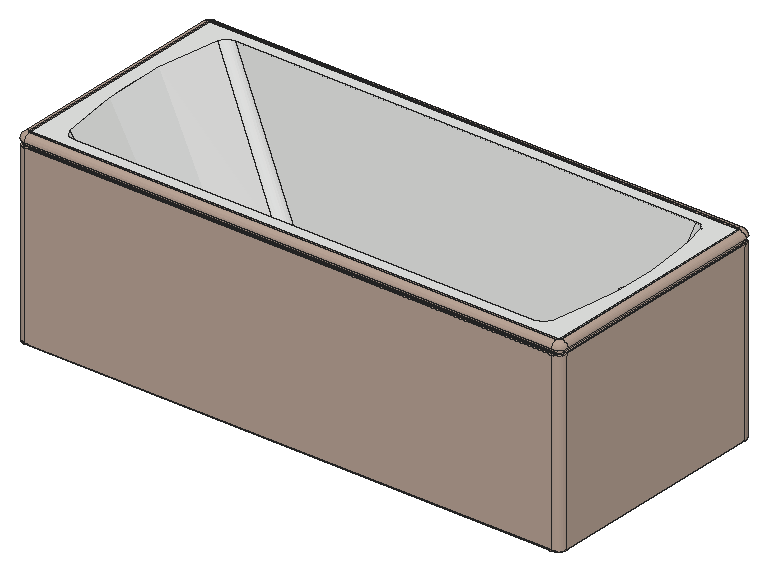
Revit family "Bath-Freestanding-KOHLER-BIOVE-K-99205T", category Plumbing Fixtures, host Face, Revit 2017
Family settings
  Host = Face
  Round Connector Dimension = Use Diameter
  Part Type = Normal
  OmniClass Number = 23.31.15.00
  OmniClass Title = Bathtubs
  Cut with Voids When Loaded = No
  Shared = No
  Room Calculation Point = No
Parameters (values of type "E63-Walnut")
  Width = 29.52756"  # constant formula
  WaterSense Certified = 1 = 0  # no
  Waste Water Outlet = "Waste Water Outlet"  # constant formula
  Waste Connection = 1 = 1  # yes
  Vent Connection = 1 = 0  # no
  URL = "http://www.kohler.com.cn/"
  Type = 1
  Product Page URL = "https://www.kohler.com.cn/en/product/K-99205T-E63/K-99205T-E63/"
  Product Name = "BIOVE"  # constant formula
  Product Documentation Link = "https://files.kohler.com.cn/pdfs/ri-99205T.pdf"
  Model = if(Type = 1, "K-99205T-E63", if(Type = 2, "K-99205T-C38", if(Type = 3, "K-99205T-C36", "NA")))  # "K-99205T-E63"
  Material = "Cast  Iron"  # constant formula
  Master Format 2014 Name = "Residential Bathtubs"  # constant formula
  Master Format 2014 = "22 41 19"  # constant formula
  Manufacturer Address = "Kohler Beijing Office (100016) 36-2-03-B, No. 88, Liuxiang Road, Beijing"  # constant formula
  Manufacturer = "KOHLER Co."  # constant formula
  Length = 66.92913"  # constant formula
  Hot Water Inlet = "Hot Water Inlet"  # constant formula
  Height = 23.14961"  # constant formula
  HW Connection = 1 = 0  # no
  Finish = Kohler-Wood-E63-Walnut
  Environmental Product Declaration = ""
  Drain Included = 1 = 1  # yes
  Description = "BIOVE FREESTANDING BATH, WOOD APRON"  # constant formula
  Default Elevation = 0"
  Declare Label = ""
  Date Modified = "01/25/2021"  # constant formula
  Date Created = "01/25/2021"  # constant formula
  Copyright = "Copyright KOHLER Co."  # constant formula
  Contact Us = "http://www.kohler.com.cn/contact/contact-us/"
  Cold Water Inlet = "Cold Water Inlet"  # constant formula
  CW Connection = 1 = 0  # no
  Assembly Code = "D2010500"
  ADA Compliant = 1 = 0  # no
Types (4): name | Type | Product Page URL | Model | Finish
  (no name) | 1 | "https://www.kohler.com.cn/en/product/K-99205T-E63/K-99205T-E63/" | "K-99205T-E63" | Kohler-Wood-E63-Walnut
  E63-Walnut | 1 | "https://www.kohler.com.cn/en/product/K-99205T-E63/K-99205T-E63/" | "K-99205T-E63" | Kohler-Wood-E63-Walnut
  C38-Clear Oak | 2 | "https://www.kohler.com.cn/en/product/K-99205T-E63/K-99205T-C38/" | "K-99205T-C38" | Kohler-Wood-C38-White
  C36-Ebony | 3 | "https://www.kohler.com.cn/en/product/K-99205T-E63/K-99205T-C36/" | "K-99205T-C36" | Kohler-Wood-C36-Ebony
Reference planes (in)
  plane 1 "Center (Front/Back)": y = 0
  plane 2: z = 0
  plane 3 "Center (Left/Right)": x = 0
  plane 4: y = 14.76378
  plane 5: y = -14.76378
  plane 6: x = -33.4626
  plane 7: z = 23.14961
  plane 8: z = 22.44094
  plane 9: x = 33.46654
  plane 10: z = 21.85039
Dimensions and locks (in)
  locked: plane 8 to plane 10 at 0.59055
  locked: plane 7 to plane 8 at 0.70866
  "Height": plane 7 to level
  "Length": plane 6 to plane 9
  "Width": plane 5 to plane 4
  aligned and locked: plane 2 to host face
  aligned and locked: level to host face
Automatic sketch dimensions
  host sketch curve to host sketch curve = 96"  (x2)
Nested families (in)
  nested 1: "K-99205T" at (0, 0, 0), type "K-99205T"
Connectors (in)
  piping at (23.23031, 0, 3.54818), diameter 1.19922, driven by "Waste Connection", driven by "Waste Water Outlet"
    settings: on nested 1, index 1, connector inside diameter 24", connector length 0", flow factor 0, pipe flow 0 GPM, pressure drop 0.00 psi, fitting loss kfactor 0, connector angle 0.00°, fixture units 0, engagement length 0", angle of deflection 0.00°, flow configuration 0, flow direction 2, fitting loss method 0, system type 16, joint type 0, gender type 0, connector reference index -1, connector utility 1, adjustable connector no, is connector primary yes, connector description "Waste Water Outlet"
Definition of nested family "K-99205T"
  Parameters (values of type "K-99205T")
    Material = none
  Reference planes (in)
    plane 1 "Center (Front/Back)": y = 0
    plane 2: z = 0
    plane 3 "Center (Left/Right)": x = 0
    plane 4: z = 23.14961
    plane 5: z = 22.44094
    plane 6: z = 21.85039
    plane 7: z = 0.19685
    plane 8: y = 14.76378
    plane 9: y = -14.76378
    plane 10: x = -33.4626
    plane 11: x = 33.4626
    plane 12 "1": x = 23.23031
  Forms (in)
    Sweep 1, solid, material <- "Material", detail levels medium+fine
      path origin (0, 0, 0) x (1, 0, 0) y (0, 1, 0)
        loop
          line (-33.4626, 13.65956) -> (-33.4626, -13.67921)
          arc (-33.4626, -13.67921) -> (-33.14493, -14.44612) -> (-32.37803, -14.76378) r 1.08457
          line (-32.37803, -14.76378) -> (32.37346, -14.76378)
          arc (32.37346, -14.76378) -> (33.1436, -14.44478) -> (33.4626, -13.67464) r 1.08914
          line (33.4626, -13.67464) -> (33.4626, 13.67716)
          arc (33.4626, 13.67716) -> (33.14434, 14.44552) -> (32.37598, 14.76378) r 1.08662
          line (32.37598, 14.76378) -> (-32.35838, 14.76378)
          arc (-32.35838, 14.76378) -> (-33.13918, 14.44036) -> (-33.4626, 13.65956) r 1.10422
      profile origin (-33.4626, -0.00982, 0) x (1, 0, 0) y (0, 0, 1)
        loop
          arc (0.08071, 0.27422) -> (0.10337, 0.21951) -> (0.15808, 0.19685) r 0.07737
          line (0.15808, 0.19685) -> (0.94311, 0.19685) -> (0.94311, 23.14961) -> (0.74626, 23.14961)
          arc (0.74626, 23.14961) -> (0.23204, 22.94416) -> (0.00095, 22.44094) r 0.74626
          line (0.00095, 22.44094) -> (0.43504, 22.44094) -> (0.43504, 21.9306)
          arc (0.43504, 21.9306) -> (0.41155, 21.87388) -> (0.35483, 21.85039) r 0.0802
          line (0.35483, 21.85039) -> (0.1578, 21.85039)
          arc (0.1578, 21.85039) -> (0.10329, 21.82781) -> (0.08071, 21.7733) r 0.07709
          line (0.08071, 21.7733) -> (0.08071, 0.27422)
    Extrusion 2, solid, detail levels medium+fine
      sketch origin (0, 0, 0) x (1, 0, 0) y (0, 1, 0)
        loop
          arc (32.51949, 13.67716) -> (32.47746, 13.77864) -> (32.37598, 13.82067) r 0.14351
          line (32.37598, 13.82067) -> (-32.35838, 13.82067)
          arc (-32.35838, 13.82067) -> (-32.4723, 13.77348) -> (-32.51949, 13.65956) r 0.16111
          line (-32.51949, 13.65956) -> (-32.51949, -13.67921)
          arc (-32.51949, -13.67921) -> (-32.47806, -13.77924) -> (-32.37803, -13.82067) r 0.14146
          line (-32.37803, -13.82067) -> (32.37346, -13.82067)
          arc (32.37346, -13.82067) -> (32.47672, -13.7779) -> (32.51949, -13.67464) r 0.14603
          line (32.51949, -13.67464) -> (32.51949, 13.67716)
      from 0.19685 to 23.14961
    Extrusion 3, solid, detail levels medium+fine
      sketch origin (0, 0, 0) x (1, 0, 0) y (0, 1, 0)
        loop
          line (-29.04716, 13.07087) -> (-28.69484, 12.46063) -> (-27.9902, 12.46063) -> (-27.63788, 13.07087) -> (-27.9902, 13.6811) -> (-28.69484, 13.6811) -> (-29.04716, 13.07087)
        loop
          line (-15.96541, 10.70866) -> (-15.75288, 10.34055) -> (-15.32783, 10.34055) -> (-15.1153, 10.70866) -> (-15.32783, 11.07677) -> (-15.75288, 11.07677) -> (-15.96541, 10.70866)
        loop
          line (-0.34838, 13.6811) -> (-0.7007, 13.07087) -> (-0.34838, 12.46063) -> (0.35626, 12.46063) -> (0.70858, 13.07087) -> (0.35626, 13.6811) -> (-0.34838, 13.6811)
        loop
          line (29.04716, 13.07087) -> (28.69484, 13.6811) -> (27.9902, 13.6811) -> (27.63788, 13.07087) -> (27.9902, 12.46063) -> (28.69484, 12.46063) -> (29.04716, 13.07087)
        loop
          line (18.94277, 10.70866) -> (18.73025, 11.07677) -> (18.30519, 11.07677) -> (18.09266, 10.70866) -> (18.30519, 10.34055) -> (18.73025, 10.34055) -> (18.94277, 10.70866)
        loop
          line (-29.04716, -13.07087) -> (-28.69484, -13.6811) -> (-27.9902, -13.6811) -> (-27.63788, -13.07087) -> (-27.9902, -12.46063) -> (-28.69484, -12.46063) -> (-29.04716, -13.07087)
        loop
          line (-15.96541, -10.70866) -> (-15.75288, -11.07677) -> (-15.32783, -11.07677) -> (-15.1153, -10.70866) -> (-15.32783, -10.34055) -> (-15.75288, -10.34055) -> (-15.96541, -10.70866)
        loop
          line (-0.34838, -13.6811) -> (0.35626, -13.6811) -> (0.70858, -13.07087) -> (0.35626, -12.46063) -> (-0.34838, -12.46063) -> (-0.7007, -13.07087) -> (-0.34838, -13.6811)
        loop
          line (29.04716, -13.07087) -> (28.69484, -12.46063) -> (27.9902, -12.46063) -> (27.63788, -13.07087) -> (27.9902, -13.6811) -> (28.69484, -13.6811) -> (29.04716, -13.07087)
        loop
          line (18.94277, -10.70866) -> (18.73025, -10.34055) -> (18.30519, -10.34055) -> (18.09266, -10.70866) -> (18.30519, -11.07677) -> (18.73025, -11.07677) -> (18.94277, -10.70866)
      from 0 to 0.74803
    Blend 4, void
      base sketch origin (-2.75591, 0, 0) x (-1, 0, 0) y (0, -1, 0)
        loop
          arc (-26.54667, -9.24461) -> (-25.97703, -10.04779) -> (-25.04171, -10.35563) r 1.5748
          line (-25.04171, -10.35563) -> (16.38029, -10.35563)
          arc (16.38029, -10.35563) -> (17.31561, -10.04779) -> (17.88526, -9.24461) r 1.5748
          arc (17.88526, -9.24461) -> (19.2774, 0) -> (17.88526, 9.24461) r 31.39083
          arc (17.88526, 9.24461) -> (17.31561, 10.04779) -> (16.38029, 10.35563) r 1.5748
          line (16.38029, 10.35563) -> (-25.04171, 10.35563)
          arc (-25.04171, 10.35563) -> (-25.97703, 10.04779) -> (-26.54667, 9.24461) r 1.5748
          arc (-26.54667, 9.24461) -> (-27.93881, 0) -> (-26.54667, -9.24461) r 31.39083
      top sketch origin (-2.75591, 0, 0) x (-1, 0, 0) y (0, -1, 0)
        loop
          arc (-32.50646, 11.29426) -> (-33.82594, 0) -> (-32.50646, -11.29426) r 48.99685
          arc (-32.50646, -11.29426) -> (-32.02032, -12.05747) -> (-31.16561, -12.35458) r 1.37795
          line (-31.16561, -12.35458) -> (25.45695, -12.35458)
          arc (25.45695, -12.35458) -> (26.31166, -12.05747) -> (26.79779, -11.29426) r 1.37795
          arc (26.79779, -11.29426) -> (28.11728, 0) -> (26.79779, 11.29426) r 48.99685
          arc (26.79779, 11.29426) -> (26.31166, 12.05747) -> (25.45695, 12.35458) r 1.37795
          line (25.45695, 12.35458) -> (-31.16561, 12.35458)
          arc (-31.16561, 12.35458) -> (-32.02032, 12.05747) -> (-32.50646, 11.29426) r 1.37795
      from 5.86614 to 23.18113
    Revolve 5, void
      sketch origin (23.23031, 0, 0) x (0, 1, 0) y (0, 0, 1)
        loop
          line (-0.98442, 4.64567) -> (-0.00017, 4.64567) -> (-0.00017, 5.86614) -> (-1.77183, 5.86614) -> (-1.77183, 5.27559)
          arc (-1.77183, 5.27559) -> (-1.26764, 5.09873) -> (-0.98442, 4.64567) r 0.80709
        axis (-0.00017, 5.86614) -> (-0.00017, 4.64567)
      angle from 0 to 360
    Revolve 6, solid, detail levels medium+fine
      sketch origin (23.23031, 0, 0) x (0, 1, 0) y (0, 0, 1)
        loop
          line (-0.23425, 4.52849) -> (-0.23425, 3.54818) -> (0, 3.54818) -> (0, 4.93794) -> (-1.3463, 4.93794)
          arc (-1.3463, 4.93794) -> (-1.36759, 4.91826) -> (-1.34964, 4.89549) r 0.02135
          line (-1.34964, 4.89549) -> (-0.95053, 4.83228)
          arc (-0.95053, 4.83228) -> (-0.90776, 4.8099) -> (-0.88726, 4.76618) r 0.07559
          line (-0.88726, 4.76618) -> (-0.86605, 4.58006)
          arc (-0.86605, 4.58006) -> (-0.84699, 4.54326) -> (-0.80827, 4.52849) r 0.05815
          line (-0.80827, 4.52849) -> (-0.23425, 4.52849)
        axis (0, 4.93794) -> (0, 3.54818)
      angle from 0 to 360
    Extrusion 7, void
      sketch origin (0, 0, 0) x (1, 0, 0) y (0, 1, 0)
        loop
          arc (32.51949, 13.67716) -> (32.47746, 13.77864) -> (32.37598, 13.82067) r 0.14351
          line (32.37598, 13.82067) -> (-32.35838, 13.82067)
          arc (-32.35838, 13.82067) -> (-32.4723, 13.77348) -> (-32.51949, 13.65956) r 0.16111
          line (-32.51949, 13.65956) -> (-32.51949, -13.67921)
          arc (-32.51949, -13.67921) -> (-32.47806, -13.77924) -> (-32.37803, -13.82067) r 0.14146
          line (-32.37803, -13.82067) -> (32.37346, -13.82067)
          arc (32.37346, -13.82067) -> (32.47672, -13.7779) -> (32.51949, -13.67464) r 0.14603
          line (32.51949, -13.67464) -> (32.51949, 13.67716)
      from 0 to 4.93794
    Extrusion 8, solid, detail levels medium+fine
      sketch origin (0, 0, 0) x (1, 0, 0) y (0, 1, 0)
        loop
          line (-29.13386, -14.05512) -> (-27.55906, -14.05512) -> (-27.55906, 14.05512) -> (-29.13386, 14.05512) -> (-29.13386, -14.05512)
        loop
          line (-0.7874, -14.05512) -> (0.7874, -14.05512) -> (0.7874, 14.05512) -> (-0.7874, 14.05512) -> (-0.7874, -14.05512)
        loop
          line (27.55906, -14.05512) -> (29.13386, -14.05512) -> (29.13386, 14.05512) -> (27.55906, 14.05512) -> (27.55906, -14.05512)
      from 1.14173 to 2.69784
    Revolve 9, solid
      sketch origin (23.23031, 0, 0) x (0, 1, 0) y (0, 0, 1)
        loop
          line (-0.00117, 4.64567) -> (-0.00117, 4.92681) -> (-1.9792, 4.92681)
          arc (-1.9792, 4.92681) -> (-1.70051, 4.85138) -> (-1.49793, 4.64567) r 0.5525
          line (-1.49793, 4.64567) -> (-0.00117, 4.64567)
        axis (-0.00117, 4.92681) -> (-0.00117, 4.64567)
      angle from 0 to 360
    Extrusion 10, void
      sketch origin (0, 0, 0) x (1, 0, 0) y (0, 1, 0)
        loop
          arc (23.94126, 0.18868) -> (23.86783, 0.36725) -> (23.75117, 0.52111) r 0.74878
          arc (23.75117, 0.52111) -> (23.6836, 0.54447) -> (23.62408, 0.50486) r 0.08052
          line (23.62408, 0.50486) -> (23.53346, 0.34789)
          arc (23.53346, 0.34789) -> (23.52285, 0.30292) -> (23.53878, 0.25954) r 0.08029
          arc (23.53878, 0.25954) -> (23.57753, 0.20056) -> (23.6086, 0.13719) r 0.56322
          arc (23.6086, 0.13719) -> (23.63763, 0.10185) -> (23.68139, 0.08858) r 0.0788
          line (23.68139, 0.08858) -> (23.86437, 0.08858)
          arc (23.86437, 0.08858) -> (23.92748, 0.11969) -> (23.94126, 0.18868) r 0.07957
      from 0 to 4.84275
    Extrusion 11, void
      sketch origin (46.46063, 0, 0) x (-1, 0, 0) y (0, -1, 0)
        loop
          arc (23.94126, -0.18868) -> (23.92748, -0.11969) -> (23.86437, -0.08858) r 0.07957
          line (23.86437, -0.08858) -> (23.68139, -0.08858)
          arc (23.68139, -0.08858) -> (23.63763, -0.10185) -> (23.6086, -0.13719) r 0.0788
          arc (23.6086, -0.13719) -> (23.57753, -0.20056) -> (23.53878, -0.25954) r 0.56322
          arc (23.53878, -0.25954) -> (23.52285, -0.30292) -> (23.53346, -0.34789) r 0.08029
          line (23.53346, -0.34789) -> (23.62408, -0.50486)
          arc (23.62408, -0.50486) -> (23.6836, -0.54447) -> (23.75117, -0.52111) r 0.08052
          arc (23.75117, -0.52111) -> (23.86783, -0.36725) -> (23.94126, -0.18868) r 0.74878
      from 0 to 5.27561
    Extrusion 12, void
      sketch origin (46.46063, 0, 0) x (-1, 0, 0) y (0, -1, 0)
        loop
          arc (23.94126, 0.18868) -> (23.86783, 0.36725) -> (23.75117, 0.52111) r 0.74878
          arc (23.75117, 0.52111) -> (23.6836, 0.54447) -> (23.62408, 0.50486) r 0.08052
          line (23.62408, 0.50486) -> (23.53346, 0.34789)
          arc (23.53346, 0.34789) -> (23.52285, 0.30292) -> (23.53878, 0.25954) r 0.08029
          arc (23.53878, 0.25954) -> (23.57753, 0.20056) -> (23.6086, 0.13719) r 0.56322
          arc (23.6086, 0.13719) -> (23.63763, 0.10185) -> (23.68139, 0.08858) r 0.0788
          line (23.68139, 0.08858) -> (23.86437, 0.08858)
          arc (23.86437, 0.08858) -> (23.92748, 0.11969) -> (23.94126, 0.18868) r 0.07957
      from 0 to 5.10989
    Extrusion 13, void
      sketch origin (0, 0, 0) x (1, 0, 0) y (0, 1, 0)
        loop
          arc (23.94126, -0.18868) -> (23.92748, -0.11969) -> (23.86437, -0.08858) r 0.07957
          line (23.86437, -0.08858) -> (23.68139, -0.08858)
          arc (23.68139, -0.08858) -> (23.63763, -0.10185) -> (23.6086, -0.13719) r 0.0788
          arc (23.6086, -0.13719) -> (23.57753, -0.20056) -> (23.53878, -0.25954) r 0.56322
          arc (23.53878, -0.25954) -> (23.52285, -0.30292) -> (23.53346, -0.34789) r 0.08029
          line (23.53346, -0.34789) -> (23.62408, -0.50486)
          arc (23.62408, -0.50486) -> (23.6836, -0.54447) -> (23.75117, -0.52111) r 0.08052
          arc (23.75117, -0.52111) -> (23.86783, -0.36725) -> (23.94126, -0.18868) r 0.74878
      from 0 to 5.27559
    Extrusion 14, void
      sketch origin (0, 0, 0) x (1, 0, 0) y (0, 1, 0)
        loop
          arc (23.0345, -0.70982) -> (23.23077, -0.73827) -> (23.4271, -0.71029) r 0.69693
          arc (23.4271, -0.71029) -> (23.47743, -0.66462) -> (23.47261, -0.59683) r 0.07772
          line (23.47261, -0.59683) -> (23.37581, -0.42918)
          arc (23.37581, -0.42918) -> (23.34336, -0.40005) -> (23.29997, -0.39571) r 0.0702
          arc (23.29997, -0.39571) -> (23.23339, -0.40303) -> (23.16676, -0.39612) r 0.3151
          arc (23.16676, -0.39612) -> (23.11835, -0.4012) -> (23.08217, -0.43376) r 0.07874
          line (23.08217, -0.43376) -> (22.9888, -0.59548)
          arc (22.9888, -0.59548) -> (22.9839, -0.66375) -> (23.0345, -0.70982) r 0.07836
        loop
          arc (23.0345, 0.70982) -> (22.9839, 0.66375) -> (22.9888, 0.59548) r 0.07836
          line (22.9888, 0.59548) -> (23.08217, 0.43376)
          arc (23.08217, 0.43376) -> (23.11835, 0.4012) -> (23.16676, 0.39612) r 0.07874
          arc (23.16676, 0.39612) -> (23.23339, 0.40303) -> (23.29997, 0.39571) r 0.3151
          arc (23.29997, 0.39571) -> (23.34336, 0.40005) -> (23.37581, 0.42918) r 0.0702
          line (23.37581, 0.42918) -> (23.47261, 0.59683)
          arc (23.47261, 0.59683) -> (23.47743, 0.66462) -> (23.4271, 0.71029) r 0.07772
          arc (23.4271, 0.71029) -> (23.23077, 0.73827) -> (23.0345, 0.70982) r 0.69693
      from 0 to 4.84275
    Extrusion 15, solid
      sketch origin (0, 0, 0) x (0, 1, 0) y (0, 0, 1)
        loop
          arc (-0.94935, 21.15694) -> (-0.97426, 21.14836) -> (-0.99649, 21.1342) r 0.1123
          arc (-0.99649, 21.1342) -> (-1.30602, 20.77684) -> (-1.4767, 20.33595) r 1.37941
          arc (-1.4767, 20.33595) -> (-1.4811, 20.28269) -> (-1.47325, 20.22982) r 0.23322
          arc (-1.47325, 20.22982) -> (-1.4519, 20.05206) -> (-1.48143, 19.87547) r 0.62976
          arc (-1.48143, 19.87547) -> (-1.48336, 19.82672) -> (-1.47772, 19.77827) r 0.31467
          arc (-1.47772, 19.77827) -> (-1.30781, 19.3352) -> (-0.99779, 18.97592) r 1.37941
          arc (-0.99779, 18.97592) -> (-0.97433, 18.96093) -> (-0.94803, 18.95182) r 0.11877
          arc (-0.94803, 18.95182) -> (-0.72512, 18.86728) -> (-0.53611, 18.722) r 0.8171
          arc (-0.53611, 18.722) -> (-0.50547, 18.69713) -> (-0.46981, 18.68023) r 0.16525
          arc (-0.46981, 18.68023) -> (-0.01358, 18.60701) -> (0.44195, 18.68451) r 1.41662
          arc (0.44195, 18.68451) -> (0.46383, 18.69463) -> (0.48324, 18.70893) r 0.11966
          arc (0.48324, 18.70893) -> (0.68182, 18.8519) -> (0.90719, 18.94722) r 1.09531
          arc (0.90719, 18.94722) -> (0.92545, 18.95471) -> (0.94182, 18.96572) r 0.09764
          arc (0.94182, 18.96572) -> (1.22151, 19.27864) -> (1.39745, 19.65968) r 1.41913
          arc (1.39745, 19.65968) -> (1.41174, 19.73393) -> (1.41192, 19.80954) r 0.4031
          arc (1.41192, 19.80954) -> (1.40615, 20.04503) -> (1.43193, 20.27918) r 1.75775
          arc (1.43193, 20.27918) -> (1.43317, 20.30679) -> (1.4272, 20.33378) r 0.10538
          arc (1.4272, 20.33378) -> (1.27701, 20.74444) -> (1.00893, 21.08989) r 1.41913
          arc (1.00893, 21.08989) -> (0.96615, 21.12155) -> (0.91711, 21.14223) r 0.22407
          arc (0.91711, 21.14223) -> (0.69486, 21.23943) -> (0.50577, 21.39139) r 0.9193
          arc (0.50577, 21.39139) -> (0.48985, 21.40467) -> (0.47135, 21.41403) r 0.09136
          arc (0.47135, 21.41403) -> (-0.00511, 21.50198) -> (-0.48334, 21.42422) r 1.41662
          arc (-0.48334, 21.42422) -> (-0.50769, 21.41235) -> (-0.5285, 21.39501) r 0.11263
          arc (-0.5285, 21.39501) -> (-0.72091, 21.24414) -> (-0.94935, 21.15694) r 0.8171
      from 29.42478 to 33.02756
    Extrusion 16, solid, material <- "Material", detail levels coarse
      sketch origin (0, 0, 0) x (1, 0, 0) y (0, 1, 0)
        loop
          line (-33.4626, 13.65956) -> (-33.4626, -13.67921)
          arc (-33.4626, -13.67921) -> (-33.14493, -14.44612) -> (-32.37803, -14.76378) r 1.08457
          line (-32.37803, -14.76378) -> (32.37346, -14.76378)
          arc (32.37346, -14.76378) -> (33.1436, -14.44478) -> (33.4626, -13.67464) r 1.08914
          line (33.4626, -13.67464) -> (33.4626, 13.67716)
          arc (33.4626, 13.67716) -> (33.14434, 14.44552) -> (32.37598, 14.76378) r 1.08662
          line (32.37598, 14.76378) -> (-32.35838, 14.76378)
          arc (-32.35838, 14.76378) -> (-33.13918, 14.44036) -> (-33.4626, 13.65956) r 1.10422
        loop
          arc (30.75055, -11.29426) -> (32.07004, 0) -> (30.75055, 11.29426) r 48.99685
          arc (30.75055, 11.29426) -> (30.26442, 12.05747) -> (29.40971, 12.35458) r 1.37795
          line (29.40971, 12.35458) -> (-29.46285, 12.35458)
          arc (-29.46285, 12.35458) -> (-30.31757, 12.05747) -> (-30.8037, 11.29426) r 1.37795
          arc (-30.8037, 11.29426) -> (-32.12318, 0) -> (-30.8037, -11.29426) r 48.99685
          arc (-30.8037, -11.29426) -> (-30.31757, -12.05747) -> (-29.46285, -12.35458) r 1.37795
          line (-29.46285, -12.35458) -> (29.40971, -12.35458)
          arc (29.40971, -12.35458) -> (30.26442, -12.05747) -> (30.75055, -11.29426) r 1.37795
      from 0.19685 to 23.14961
    Revolve 17, solid
      sketch origin (23.23031, 0, 0) x (0, 1, 0) y (0, 0, 1)
        loop
          line (-0.15765, 4.95267) -> (0, 4.95267) -> (0, 6.05165)
          arc (0, 6.05165) -> (-0.50711, 6.01149) -> (-1.00121, 5.89045) r 3.15912
          arc (-1.00121, 5.89045) -> (-1.01409, 5.86919) -> (-0.99516, 5.85307) r 0.01918
          line (-0.99516, 5.85307) -> (-0.56324, 5.85307) -> (-0.56324, 5.67591) -> (-0.63049, 5.67591) -> (-0.63049, 5.59717) -> (-0.15765, 5.59717) -> (-0.15765, 4.95267)
        axis (0, 6.05165) -> (0, 4.95267)
      angle from 0 to 360
    Extrusion 18, solid, detail levels coarse
      sketch origin (0, 0, 0) x (1, 0, 0) y (0, 1, 0)
        loop
          arc (30.75055, -11.29426) -> (32.07004, 0) -> (30.75055, 11.29426) r 48.99685
          arc (30.75055, 11.29426) -> (30.26442, 12.05747) -> (29.40971, 12.35458) r 1.37795
          line (29.40971, 12.35458) -> (-29.46285, 12.35458)
          arc (-29.46285, 12.35458) -> (-30.31757, 12.05747) -> (-30.8037, 11.29426) r 1.37795
          arc (-30.8037, 11.29426) -> (-32.12318, 0) -> (-30.8037, -11.29426) r 48.99685
          arc (-30.8037, -11.29426) -> (-30.31757, -12.05747) -> (-29.46285, -12.35458) r 1.37795
          line (-29.46285, -12.35458) -> (29.40971, -12.35458)
          arc (29.40971, -12.35458) -> (30.26442, -12.05747) -> (30.75055, -11.29426) r 1.37795
      from 0.19685 to 4.93794
    Revolve 19, solid
      sketch origin (-0.5, 0, 0) x (1, 0, 0) y (0, 0, 1)
        loop
          line (29.25502, 20.05453) -> (29.92478, 20.05453) -> (29.92478, 21.59581) -> (29.60965, 21.59581)
          arc (29.60965, 21.59581) -> (29.59496, 21.59135) -> (29.58522, 21.57947) r 0.02643
          arc (29.58522, 21.57947) -> (29.35176, 20.8318) -> (29.25502, 20.05453) r 4.38551
        axis (29.25502, 20.05453) -> (29.92478, 20.05453)
      angle from 0 to 360
    Extrusion 20, void
      sketch origin (0, 0, 0) x (0, 1, 0) y (0, 0, 1)
        loop
          arc (-0.94935, 21.15694) -> (-0.97426, 21.14836) -> (-0.99649, 21.1342) r 0.1123
          arc (-0.99649, 21.1342) -> (-1.30602, 20.77684) -> (-1.4767, 20.33595) r 1.37941
          arc (-1.4767, 20.33595) -> (-1.4811, 20.28269) -> (-1.47325, 20.22982) r 0.23322
          arc (-1.47325, 20.22982) -> (-1.4519, 20.05206) -> (-1.48143, 19.87547) r 0.62976
          arc (-1.48143, 19.87547) -> (-1.48336, 19.82672) -> (-1.47772, 19.77827) r 0.31467
          arc (-1.47772, 19.77827) -> (-1.30781, 19.3352) -> (-0.99779, 18.97592) r 1.37941
          arc (-0.99779, 18.97592) -> (-0.97433, 18.96093) -> (-0.94803, 18.95182) r 0.11877
          arc (-0.94803, 18.95182) -> (-0.72512, 18.86728) -> (-0.53611, 18.722) r 0.8171
          arc (-0.53611, 18.722) -> (-0.50547, 18.69713) -> (-0.46981, 18.68023) r 0.16525
          arc (-0.46981, 18.68023) -> (-0.01358, 18.60701) -> (0.44195, 18.68451) r 1.41662
          arc (0.44195, 18.68451) -> (0.46383, 18.69463) -> (0.48324, 18.70893) r 0.11966
          arc (0.48324, 18.70893) -> (0.68182, 18.8519) -> (0.90719, 18.94722) r 1.09531
          arc (0.90719, 18.94722) -> (0.92545, 18.95471) -> (0.94182, 18.96572) r 0.09764
          arc (0.94182, 18.96572) -> (1.22151, 19.27864) -> (1.39745, 19.65968) r 1.41913
          arc (1.39745, 19.65968) -> (1.41174, 19.73393) -> (1.41192, 19.80954) r 0.4031
          arc (1.41192, 19.80954) -> (1.40615, 20.04503) -> (1.43193, 20.27918) r 1.75775
          arc (1.43193, 20.27918) -> (1.43317, 20.30679) -> (1.4272, 20.33378) r 0.10538
          arc (1.4272, 20.33378) -> (1.27701, 20.74444) -> (1.00893, 21.08989) r 1.41913
          arc (1.00893, 21.08989) -> (0.96615, 21.12155) -> (0.91711, 21.14223) r 0.22407
          arc (0.91711, 21.14223) -> (0.69486, 21.23943) -> (0.50577, 21.39139) r 0.9193
          arc (0.50577, 21.39139) -> (0.48985, 21.40467) -> (0.47135, 21.41403) r 0.09136
          arc (0.47135, 21.41403) -> (-0.00511, 21.50198) -> (-0.48334, 21.42422) r 1.41662
          arc (-0.48334, 21.42422) -> (-0.50769, 21.41235) -> (-0.5285, 21.39501) r 0.11263
          arc (-0.5285, 21.39501) -> (-0.72091, 21.24414) -> (-0.94935, 21.15694) r 0.8171
        loop
          line (4.55282, 26.09171) -> (-4.44718, 26.09171) -> (-4.44718, 17.09171) -> (4.55282, 17.09171) -> (4.55282, 26.09171)
      from 28.17754 to 30.57307
  Cuts and joins
    Blend 4, Revolve 5, Extrusion 7, Extrusion 11, Extrusion 12, Extrusion 13 cuts Extrusion 2
    Extrusion 10, Extrusion 11, Extrusion 12, Extrusion 13, Extrusion 14 cuts Revolve 6
    Extrusion 11, Extrusion 12, Extrusion 13 cuts Revolve 9
    Blend 4, Revolve 5, Extrusion 7, Extrusion 11, Extrusion 12, Extrusion 13 cuts Sweep 1
    Extrusion 20 cuts Revolve 19
    joined: Extrusion 15, Revolve 19
  Lines and regions (in)
    Masking region 1
      outline origin (0, 0, 0) x (1, 0, 0) y (0, 0, 1)
        loop
          arc (-33.38189, 0.27422) -> (-33.35923, 0.21951) -> (-33.30452, 0.19685) r 0.07737
          line (-33.30452, 0.19685) -> (-29.0511, 0.19685) -> (-29.0511, 0) -> (-27.64182, 0) -> (-27.64182, 0.19685) -> (-15.95852, 0.19685) -> (-15.95852, 0) -> (-15.10841, 0) -> (-15.10841, 0.19685) -> (-0.70464, 0.19685) -> (-0.70464, 0) -> (0.70464, 0) -> (0.70464, 0.19685) -> (18.0966, 0.19685) -> (18.0966, 0) -> (18.94671, 0) -> (18.94671, 0.19685) -> (27.64182, 0.19685) -> (27.64182, 0) -> (29.0511, 0) -> (29.0511, 0.19685) -> (32.51949, 0.19685) -> (33.30452, 0.19685)
          arc (33.30452, 0.19685) -> (33.35923, 0.21951) -> (33.38189, 0.27422) r 0.07737
          line (33.38189, 0.27422) -> (33.38189, 21.7733)
          arc (33.38189, 21.7733) -> (33.35931, 21.82781) -> (33.3048, 21.85039) r 0.07709
          line (33.3048, 21.85039) -> (33.10776, 21.85039)
          arc (33.10776, 21.85039) -> (33.05105, 21.87388) -> (33.02756, 21.9306) r 0.0802
          line (33.02756, 21.9306) -> (33.02756, 22.44094) -> (33.46165, 22.44094)
          arc (33.46165, 22.44094) -> (33.23056, 22.94416) -> (32.71634, 23.14961) r 0.74626
          line (32.71634, 23.14961) -> (-32.51949, 23.14961) -> (-32.71634, 23.14961)
          arc (-32.71634, 23.14961) -> (-33.23056, 22.94416) -> (-33.46165, 22.44094) r 0.74626
          line (-33.46165, 22.44094) -> (-33.02756, 22.44094) -> (-33.02756, 21.9306)
          arc (-33.02756, 21.9306) -> (-33.05105, 21.87388) -> (-33.10776, 21.85039) r 0.0802
          line (-33.10776, 21.85039) -> (-33.3048, 21.85039)
          arc (-33.3048, 21.85039) -> (-33.35931, 21.82781) -> (-33.38189, 21.7733) r 0.07709
          line (-33.38189, 21.7733) -> (-33.38189, 0.27422)
    Masking region 2
      outline origin (0, 0, 0) x (0, 1, 0) y (0, 0, 1)
        loop
          arc (-14.00562, 23.14961) -> (-14.52393, 22.94477) -> (-14.76216, 22.44094) r 0.75816
          line (-14.76216, 22.44094) -> (-14.33071, 22.44094) -> (-14.33071, 21.92906)
          arc (-14.33071, 21.92906) -> (-14.35375, 21.87343) -> (-14.40937, 21.85039) r 0.07866
          line (-14.40937, 21.85039) -> (-14.61129, 21.85039)
          arc (-14.61129, 21.85039) -> (-14.66344, 21.82879) -> (-14.68504, 21.77665) r 0.07375
          line (-14.68504, 21.77665) -> (-14.68504, 0.27559)
          arc (-14.68504, 0.27559) -> (-14.66198, 0.21991) -> (-14.6063, 0.19685) r 0.07874
          line (-14.6063, 0.19685) -> (-13.6811, 0.19685) -> (-13.6811, 0) -> (-12.46063, 0) -> (-12.46063, 0.19685) -> (-11.07677, 0.19685) -> (-11.07677, 0) -> (-10.34055, 0) -> (-10.34055, 0.19685) -> (10.34055, 0.19685) -> (10.34055, 0) -> (11.07677, 0) -> (11.07677, 0.19685) -> (12.46063, 0.19685) -> (12.46063, 0) -> (13.6811, 0) -> (13.6811, 0.19685) -> (14.6063, 0.19685)
          arc (14.6063, 0.19685) -> (14.66198, 0.21991) -> (14.68504, 0.27559) r 0.07874
          line (14.68504, 0.27559) -> (14.68504, 21.77665)
          arc (14.68504, 21.77665) -> (14.66344, 21.82879) -> (14.61129, 21.85039) r 0.07375
          line (14.61129, 21.85039) -> (14.40937, 21.85039)
          arc (14.40937, 21.85039) -> (14.35375, 21.87343) -> (14.33071, 21.92906) r 0.07866
          line (14.33071, 21.92906) -> (14.33071, 22.44094) -> (14.76216, 22.44094)
          arc (14.76216, 22.44094) -> (14.52393, 22.94477) -> (14.00562, 23.14961) r 0.75816
          line (14.00562, 23.14961) -> (-14.00562, 23.14961)
    Masking region 3
      outline origin (0, 0, 0) x (1, 0, 0) y (0, 1, 0)
        loop
          line (-33.4626, 13.65956) -> (-33.4626, -13.67921)
          arc (-33.4626, -13.67921) -> (-33.14493, -14.44612) -> (-32.37803, -14.76378) r 1.08457
          line (-32.37803, -14.76378) -> (32.37346, -14.76378)
          arc (32.37346, -14.76378) -> (33.1436, -14.44478) -> (33.4626, -13.67464) r 1.08914
          line (33.4626, -13.67464) -> (33.4626, 13.67716)
          arc (33.4626, 13.67716) -> (33.14434, 14.44552) -> (32.37598, 14.76378) r 1.08662
          line (32.37598, 14.76378) -> (-32.35838, 14.76378)
          arc (-32.35838, 14.76378) -> (-33.13918, 14.44036) -> (-33.4626, 13.65956) r 1.10422
    symbolic lines, detail levels medium+fine
      curve 1: line (-33.02756, 0, 22.44094) -> (33.02756, 0, 22.44094)
      curve 2: line (33.10776, 0, 21.85039) -> (-33.10776, 0, 21.85039)
      curve 3: line (-29.0511, 0, 0.19685) -> (-27.64182, 0, 0.19685)
      curve 4: line (-15.95852, 0, 0.19685) -> (-15.10841, 0, 0.19685)
      curve 5: line (-0.70464, 0, 0.19685) -> (0.70464, 0, 0.19685)
      curve 6: line (18.0966, 0, 0.19685) -> (18.94671, 0, 0.19685)
      curve 7: line (27.64182, 0, 0.19685) -> (29.0511, 0, 0.19685)
      curve 8: line (0, 14.33071, 22.44094) -> (0, -14.33071, 22.44094)
      curve 9: line (0, -14.40937, 21.85039) -> (0, 14.40937, 21.85039)
      curve 10: line (0, 13.6811, 0.19685) -> (0, 12.46063, 0.19685)
      curve 11: line (0, 11.07677, 0.19685) -> (0, 10.34055, 0.19685)
      curve 12: line (0, -10.34055, 0.19685) -> (0, -11.07677, 0.19685)
      curve 13: line (0, -12.46063, 0.19685) -> (0, -13.6811, 0.19685)
      curve 23: line (-24.01115, 12.05729, 0) -> (26.84252, 12.05729, 0)
      curve 24: arc (-25.42448, 11.17711, 0) -> (-28.02956, 0.00117, 0) -> (-25.45149, -11.18103, 0) r 25.40693
      curve 25: line (-24.03648, -12.06462, 0) -> (26.83713, -12.06462, 0)
      curve 26: arc (-25.45149, -11.18103, 0) -> (-24.87059, -11.82558, 0) -> (-24.03648, -12.06462, 0) r 1.5748
      curve 27: arc (-24.01115, 12.05729, 0) -> (-24.84365, 11.81926, 0) -> (-25.42448, 11.17711, 0) r 1.5748
      curve 28: arc (28.54415, 10.77881, 0) -> (30.07383, -0.00451, 0) -> (28.5385, -10.78703, 0) r 38.70144
      curve 29: arc (28.54415, 10.77881, 0) -> (27.90672, 11.70206, 0) -> (26.84252, 12.05729, 0) r 1.77165
      curve 30: arc (28.5385, -10.78703, 0) -> (27.90096, -11.70967, 0) -> (26.83713, -12.06462, 0) r 1.77165
      curve 31: circle (23.23031, 0, 0) r 1.77165 normal (0, 0, -1)
      curve 32: line (-15.99915, 8.647, 0) -> (23.41389, 8.48097, 0)
      curve 33: line (-15.99915, -8.61317, 0) -> (24.02118, -8.61317, 0)
      curve 34: arc (-15.99915, 8.647, 0) -> (-19.25926, 0.01692, 0) -> (-15.99915, -8.61317, 0) r 13.05273
      curve 35: line (-25.42448, 11.17711, 0) -> (-15.99915, 8.647, 0)
      curve 36: line (-15.99915, -8.61317, 0) -> (-25.45149, -11.18103, 0)
      curve 37: line (28.54415, 10.77881, 0) -> (27.61684, 10.0007, 0)
      curve 38: line (28.5385, -10.78703, 0) -> (27.21158, -9.72922, 0)
      curve 39: arc (23.56684, 8.48213, 0) -> (24.91863, -0.06547, 0) -> (23.56743, -8.61317, 0) r 27.70585
      curve 40: arc (23.41389, 8.48097, 0) -> (25.65018, 8.86801, 0) -> (27.61684, 10.0007, 0) r 6.49606
      curve 41: arc (24.02118, -8.61317, 0) -> (25.71117, -8.90023, 0) -> (27.21158, -9.72922, 0) r 5.11811
      curve 42: arc (29.20012, 1.40336, 0) -> (29.03421, -0.01468, 0) -> (29.20214, -1.43249, 0) r 6.10603
      curve 43: arc (29.32909, 1.40364, 0) -> (29.49732, -0.01494, 0) -> (29.32381, -1.43289, 0) r 5.97144
      curve 44: arc (29.32909, 1.40364, 0) -> (29.2645, 1.45433, 0) -> (29.20012, 1.40336, 0) r 0.06632
      curve 45: arc (29.20214, -1.43249, 0) -> (29.26282, -1.48052, 0) -> (29.32381, -1.43289, 0) r 0.06261
      curve 46: line (29.2645, 1.45433, 0) -> (30.0467, 1.45433, 0)
      curve 47: line (29.26282, -1.48052, 0) -> (30.04528, -1.48052, 0)
      curve 48: line (32.3622, 14.05512, 0) -> (-32.3622, 14.05512, 0)
      curve 49: line (-32.75591, 13.66142, 0) -> (-32.75591, -13.66142, 0)
      curve 50: line (-32.3622, -14.05512, 0) -> (32.3622, -14.05512, 0)
      curve 51: arc (-32.3622, 14.05512, 0) -> (-32.64059, 13.93981, 0) -> (-32.75591, 13.66142, 0) r 0.3937
      curve 52: arc (-32.75591, -13.66142, 0) -> (-32.64059, -13.93981, 0) -> (-32.3622, -14.05512, 0) r 0.3937
      curve 53: line (32.75591, -13.66142, 0) -> (32.75591, 13.66142, 0)
      curve 54: arc (32.3622, 14.05512, 0) -> (32.64059, 13.93981, 0) -> (32.75591, 13.66142, 0) r 0.3937
      curve 55: arc (32.75591, -13.66142, 0) -> (32.64059, -13.93981, 0) -> (32.3622, -14.05512, 0) r 0.3937
    symbolic lines
      curve 14: line (-28.08179, 12.35094, 0) -> (28.39856, 12.35094, 0)
      curve 15: line (28.39856, -12.35094, 0) -> (-28.08179, -12.35094, 0)
      curve 16: arc (29.73971, 11.29048, 0) -> (31.05932, 0, 0) -> (29.73971, -11.29048, 0) r 48.96015
      curve 17: arc (28.39856, 12.35094, 0) -> (29.25343, 12.0538, 0) -> (29.73971, 11.29048, 0) r 1.3783
      curve 18: arc (29.73971, -11.29048, 0) -> (29.25343, -12.0538, 0) -> (28.39856, -12.35094, 0) r 1.3783
      curve 19: arc (-28.891, 11.92698, 0) -> (-32.61711, 0, 0) -> (-28.891, -11.92698, 0) r 20.95169
      curve 20: arc (-28.08179, 12.35094, 0) -> (-28.53856, 12.23853, 0) -> (-28.891, 11.92698, 0) r 0.98425
      curve 21: arc (-28.891, -11.92698, 0) -> (-28.53856, -12.23853, 0) -> (-28.08179, -12.35094, 0) r 0.98425
      curve 22: circle (23.2305, 0, 0) r 1.00011 normal (0, 0, -1)
  Dimensions and locks (in)
    locked: plane 4 to plane 5 at 0.70866
    locked: plane 5 to plane 6 at 0.59055
    locked: plane 4 to level at 23.14961
    locked: plane 7 to level at 0.19685
    locked: plane 8 to plane 9 at 29.52756
    locked: plane 10 to plane 11 at 66.9252
    aligned and locked: plane 2 to level
